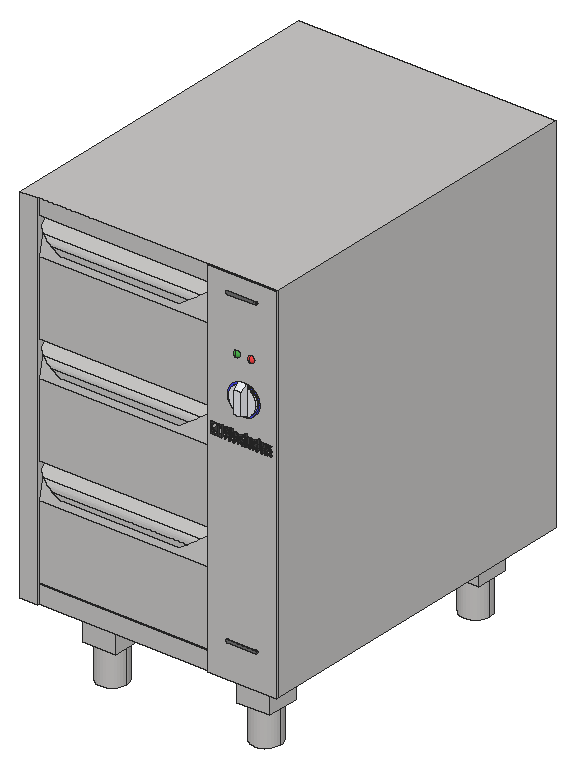
Revit family "QF_ELECTROLUXPROFESSIONAL_121833_TE3C5R", category Attrezzature speciali, Revit 2020
Family settings
  Quota connettore circolare = Usa diametro
  Tipo di parte = Normale
  Basato su piano di lavoro = No
  Sempre verticale = Sì
  Taglio con vuoti quando caricato = No
  Condiviso = No
  Punto di calcolo locali = No
Parameters (values of type "Standard")
  Weight = 40.00 kg
  Watts = 1400 W
  Volts = 230 V
  URL Manufacturer = "https://www.electroluxprofessional.com/"
  URL = "https://www.electroluxprofessional.com/"
  Steam Supply Size = 0 mm
  Steam Supply Minimum Pressure = 0.0 Pa
  Steam Supply Maximum Pressure = 0.0 Pa
  Steam Consumption per Hour = 0
  Refrigeration Suction Line Size = 0.0 mm
  Refrigeration Liquid Line Size = 0.0 mm
  Refrigerant Compressor Remote = yes
  Prospetto di default = 0.0 mm
  Phase = 1
  Modello = "TE3C5R"
  Produttore = "Electrolux Professional"
  Length Actual = 500.0 mm  # constant formula
  Item Number = "121833"
  Hot Water Size = 0 mm
  Height Actual = 860.0 mm  # constant formula
  HP = "1.9 HP"
  Gas Size = 0 mm
  Gas KW = 0
  Gas Input Pressure = 0 W
  Direct Waste Size = 0 mm
  Descrizione = "HOT CUPBOARD WITH 3 DRAWERS 500MM"
  Depth Actual = 680.0 mm  # constant formula
  Cycle = 50 Hz
  Condensate Return Size = 0 mm
  Compressed Air Volume = 0.0 L/s
  Compressed Air Size = 0 mm
  Compressed Air Pressure = 0.0 Pa
  Cold Water Size = 0 mm
  Accessory = yes
Reference planes
  plane 1 "Center (Front/Back)": y = 0
  plane 2: z = 0
  plane 3 "Center (Left/Right)": x = -300
  plane 4 "LEFT": x = -550
  plane 5 "RIGHT": x = -50
  plane 6 "BACK": y = 340
  plane 7 "FRONT": y = -340
  plane 8 "Base": z = 860
  plane 9 "TOP": z = 900
  plane 10: x = -450
  plane 11: x = -150
  plane 12: y = 270
  plane 13: y = -240
  plane 14 "FEET": z = 150
  plane 15: x = -516
  plane 16: y = -337
  plane 17: y = 310
  plane 18: x = -184
  plane 19 "EIy": x = -82
  plane 20 "EIx": y = -90
Forms (mm)
  Extrusion 1, solid, material "QF_Finishes_Stainless Steel"
    sketch origin (0, 0, 150) x (-1, 0, 0) y (0, -1, 0)
      loop
        line (550, -340) -> (550, 340) -> (516, 340) -> (516, -340) -> (550, -340)
      loop
        line (184, -340) -> (184, 337) -> (50, 337) -> (50, -340) -> (184, -340)
    from 0 to 710
  Extrusion 2, solid, material "QF_Finishes_Stainless Steel"
    sketch origin (0, 0, 150) x (-1, 0, 0) y (0, -1, 0)
      loop
        line (516, -310) -> (516, 337) -> (184, 337) -> (184, -310) -> (516, -310)
    from 0 to 35
  Extrusion 3, solid, material "QF_Finishes_Stainless Steel"
    sketch origin (0, 0, 0) x (1, 0, 0) y (0, 1, 0)
      loop
        line (-516, -337) -> (-184, -337) -> (-184, 340) -> (-516, 340) -> (-516, -337)
    from 830 to 860
  Extrusion 4, solid, material "QF_Finishes_Stainless Steel"
    sketch origin (0, 0, 150) x (-1, 0, 0) y (0, -1, 0)
      loop
        line (516, -340) -> (516, -310) -> (184, -310) -> (184, -340) -> (516, -340)
    from 680 to 0
  Extrusion 5, solid, material "QF_Finishes_Stainless Steel"
    sketch origin (0, 0, 150) x (-1, 0, 0) y (0, -1, 0)
      loop
        circle (82, 90) r 10
    from 0 to -5
Cuts and joins
  joined: Extrusion 1, Extrusion 3, Extrusion 4
Lines and regions (mm)
  symbolic lines, style "SpecialityEquipmentHiddenLines"
    curve 1: line (-50, 340, 900) -> (-550, 340, 900)
    curve 2: line (-50, -340, 900) -> (-50, 340, 900)
    curve 3: line (-550, -344.5, 150) -> (-550, 340, 150)
    curve 4: line (-550, -340, 150) -> (-516, -340, 150)
    curve 5: line (-516, -340, 150) -> (-516, -337, 150)
    curve 6: line (-516, -337, 150) -> (-184, -337, 150)
    curve 7: line (-184, -337, 150) -> (-184, -340, 150)
    curve 8: line (-184, -340, 150) -> (-50, -340, 150)
Dimensions and locks
  plane 4 "LEFT" to plane 5 "RIGHT" = 500.0 mm
  equal spacing: plane 4 "LEFT", plane 3 "Center (Left/Right)", plane 5 "RIGHT"
  plane 6 "BACK" to plane 7 "FRONT" = 680.0 mm
  equal spacing: plane 6 "BACK", plane 1 "Center (Front/Back)", plane 7 "FRONT"
  locked: plane 14 "FEET" to level at 150
  locked: plane 4 "LEFT" to plane 10 at 100
  locked: plane 11 to plane 5 "RIGHT" at 100
  locked: plane 4 "LEFT" to plane 15 at 34
  plane 16 to plane 7 "FRONT" = 3.0 mm
  plane 6 "BACK" to plane 17 = 30.0 mm
  locked: plane 6 "BACK" to plane 12 at 70
  locked: plane 13 to plane 7 "FRONT" at 100
  locked: plane 8 "Base" to level at 860
  locked: plane 9 "TOP" to level at 900
  plane 18 to plane 5 "RIGHT" = 134.0 mm
  plane 20 "EIx" to plane 7 "FRONT" = 250.0 mm
  plane 19 "EIy" to plane 5 "RIGHT" = 32.0 mm
  aligned and locked: level to plane 2
  aligned and locked: plane 10 to nested 1
  aligned and locked: plane 11 to nested 2
  aligned and locked: nested 4 to plane 12
  aligned and locked: plane 10 to nested 3
  aligned and locked: nested 3 to plane 12
  aligned and locked: plane 8 "Base" to Extrusion 1
  aligned and locked: plane 6 "BACK" to Extrusion 1 sketch curve
  aligned and locked: Extrusion 1 sketch curve to plane 6 "BACK"
  aligned and locked: Extrusion 1 sketch curve to plane 7 "FRONT"
  aligned and locked: plane 15 to Extrusion 1
  aligned and locked: Extrusion 2 to plane 15
  aligned and locked: plane 8 "Base" to Extrusion 3
  aligned and locked: Extrusion 2 to plane 16
  aligned and locked: Extrusion 2 to plane 17
  aligned and locked: Extrusion 3 to plane 16
  aligned and locked: plane 15 to Extrusion 4 sketch curve
  aligned and locked: Extrusion 4 sketch curve to plane 6 "BACK"
  aligned and locked: Extrusion 4 sketch curve to plane 17
  aligned and locked: Extrusion 4 to Extrusion 3
  aligned and locked: Extrusion 4 to plane 14 "FEET"
  aligned and locked: plane 6 "BACK" to Extrusion 3
  aligned and locked: nested 1 to plane 13
  aligned and locked: nested 2 to plane 13
  aligned and locked: plane 18 to Extrusion 3
  aligned and locked: Extrusion 2 sketch curve to plane 18
Automatic sketch dimensions
  curve 2 to plane 5 "RIGHT" = 0.0 mm
  curve 2 to plane 7 "FRONT" = 0.0 mm
  curve 1 to plane 4 "LEFT" = 0.0 mm
  curve 1 to plane 6 "BACK" = 0.0 mm
  Extrusion 2 sketch curve to plane 15 = 0.0 mm
  plane 17 to Extrusion 2 sketch curve = 0.0 mm
  Extrusion 2 sketch curve to plane 16 = 0.0 mm
  curve 8 to plane 5 "RIGHT" = 0.0 mm
  curve 8 to plane 7 "FRONT" = 0.0 mm
  curve 6 to plane 15 = 0.0 mm
  curve 3 to plane 4 "LEFT" = 0.0 mm
  curve 3 to plane 6 "BACK" = 0.0 mm
  curve 6 to plane 16 = 0.0 mm
  curve 4 to plane 7 "FRONT" = 0.0 mm
  curve 4 to curve 3 = 4.5 mm
  Extrusion 3 sketch curve to plane 15 = 0.0 mm
  Extrusion 3 sketch curve to plane 16 = 0.0 mm
  Extrusion 3 sketch curve to plane 17 = 30.0 mm
  curve 8 to curve 8 = 134.0 mm
  Extrusion 3 sketch curve to plane 5 "RIGHT" = 134.0 mm
  Extrusion 4 sketch curve to plane 5 "RIGHT" = 134.0 mm
  Extrusion 1 sketch curve to plane 5 "RIGHT" = 0.0 mm
  Extrusion 1 sketch curve to plane 16 = 0.0 mm
  Extrusion 1 sketch curve to plane 15 = 0.0 mm
  Extrusion 1 sketch curve to plane 4 "LEFT" = 0.0 mm
  Extrusion 1 sketch curve to Extrusion 1 sketch curve = 134.0 mm
  Extrusion 5 sketch curve to plane 19 "EIy" = 0.0 mm
  Extrusion 5 sketch curve to plane 20 "EIx" = 0.0 mm
  radius of Extrusion 5 sketch curve = 10.0 mm
Nested families
  nested 1: "FEET_L63-150" at (-450, -240, 0), type "FEET_L63-150"
  nested 2: "FEET_L63-150" at (-150, -240, 0), type "FEET_L63-150"
  nested 3: "FEET_L63-150" at (-450, 270, 0), type "FEET_L63-150"
  nested 4: "FEET_L63-150" at (-150, 270, 0), type "FEET_L63-150"
  nested 5: "PANEL_ELX_HOTCUP_134" at (-153.042, -337, 150) x (1, 0, 0) z (0, -1, 0), type "PANEL_ELX_HOTCUP_134"
    with Width 134.0 mm, Show Clearance yes
  nested 6: "H637_400_3DRAWERS" at (-386.042, -297, 150) x (1, 0, 0) z (0, -1, 0), type "H637_400_3DRAWERS"
    with Width 400.0 mm, Show Clearance yes
Connectors
  electrical at (-82, -90, 145), driven by "Volts"
    settings: on Extrusion 5, index 1, voltage 230 V, apparent load 0 VA, apparent load phase1 0 VA, apparent load phase2 0 VA, apparent load phase3 0 VA, power factor 1, load classification "Other", number of poles 1, system type 30, power factor state 1, is connector primary yes, connector utility no, sub classification motor no, connector description "Electrical Connection"
Definition of nested family "FEET_L63-150"
  Parameters
    Default Elevation = 0.0 mm
    FEET = 150.0 mm
  Reference planes
    plane 1 "Center (Front/Back)": y = 0
    plane 2: z = 0
    plane 3 "Center (Left/Right)": x = 0
    plane 4: z = 150
  Forms (mm)
    Extrusion 1, solid
      sketch origin (0, 0, 0) x (1, 0, 0) y (0, 1, 0)
        loop
          circle (0, 0) r 28
      from 0 to 67
    Extrusion 2, solid
      sketch origin (0, 0, 0) x (1, 0, 0) y (0, 1, 0)
        loop
          line (31.561, 31.5) -> (-31.439, 31.5) -> (-31.439, -31.5) -> (31.561, -31.5) -> (31.561, 31.5)
      from 67 to 150 <- "FEET"
  Lines and regions (mm)
    symbolic lines
      curve 1: line (0, -1.503, 0) -> (0, 1.508, 0)
      curve 2: line (1.561, 0, 0) -> (-1.439, 0, 0)
  Dimensions and locks
    "FEET": plane 4 to plane 2
    aligned and locked: level to plane 2
  Automatic sketch dimensions
    plane 1 "Center (Front/Back)" to Extrusion 1 sketch curve = 0.0 mm
    Extrusion 1 sketch curve to plane 3 "Center (Left/Right)" = 0.0 mm
    plane 1 "Center (Front/Back)" to curve 2 = 0.0 mm
    curve 1 to plane 3 "Center (Left/Right)" = 0.0 mm
    curve 2 to plane 3 "Center (Left/Right)" = 1.439 mm
    plane 3 "Center (Left/Right)" to curve 2 = 1.561 mm
    plane 1 "Center (Front/Back)" to curve 1 = 1.503 mm
    curve 1 to plane 1 "Center (Front/Back)" = 1.508 mm
    Extrusion 2 sketch curve to plane 1 "Center (Front/Back)" = 31.5 mm
    Extrusion 2 sketch curve to plane 3 "Center (Left/Right)" = 31.439 mm
    plane 3 "Center (Left/Right)" to Extrusion 2 sketch curve = 31.561 mm
    plane 1 "Center (Front/Back)" to Extrusion 2 sketch curve = 31.5 mm
    radius of Extrusion 1 sketch curve = 28.0 mm
Definition of nested family "PANEL_ELX_HOTCUP_134"
  Parameters
    Width [instance] = 134.0 mm
    Show Clearance [instance] = yes
    Model = "727995"
    Height = 710.0 mm
    Default Elevation = 0.0 mm
  Reference planes
    plane 1 "Center (Front/Back)": y = 0
    plane 2: z = 0
    plane 3 "Center (Left/Right)": x = 36.042
    plane 4 "panel": z = 3
    plane 5 "Left": x = -30.958
    plane 6 "Right": x = 103.042
    plane 7: y = 710
    plane 8 "L1": x = 26.042
    plane 9 "L2": x = 54.042
    plane 10: y = 575
  Forms (mm)
    Extrusion 1, solid
      sketch origin (0, -919.2, 0) x (1, 0, 0) y (0, 1, 0)
        loop
          line (-980.5, 2119.2) -> (-980.5, -162.846) -> (881.94, -162.846) -> (881.94, 2119.2) -> (-980.5, 2119.2)
      from 0 to -59.546
    Extrusion 2, solid
      sketch origin (36.042, -190, 0) x (0, 1, 0) y (0, 0, 1)
        loop
          line (190, 3) -> (190, 0) -> (900, 0) -> (900, 3) -> (190, 3)
      from 67 to -67
    Extrusion 3, solid
      sketch origin (0, 0, 0) x (1, 0, 0) y (0, 1, 0)
        loop
          line (9.042, 673.5) -> (63.042, 673.5)
          arc (63.042, 673.5) -> (66.042, 676.5) -> (63.042, 679.5) r 3
          line (63.042, 679.5) -> (9.042, 679.5)
          arc (9.042, 679.5) -> (6.042, 676.5) -> (9.042, 673.5) r 3
        loop
          line (9.042, 65) -> (63.042, 65)
          arc (63.042, 65) -> (66.042, 68) -> (63.042, 71) r 3
          line (63.042, 71) -> (9.042, 71)
          arc (9.042, 71) -> (6.042, 68) -> (9.042, 65) r 3
      from 3 to 4.6
    Extrusion 4, solid
      sketch origin (0, 0, 0) x (1, 0, 0) y (0, 1, 0)
        loop
          circle (40.042, 500) r 30
      from 0 to 5
    Extrusion 5, solid
      sketch origin (0, 0, 0) x (1, 0, 0) y (0, 1, 0)
        loop
          circle (40.042, 500) r 26.788
      from 7 to 5
    Blend 6, solid
      base sketch origin (0, 0, 0) x (1, 0, 0) y (0, 1, 0)
        loop
          arc (48.106, 530.45) -> (40.022, 531.5) -> (31.94, 530.44) r 31.5
          line (31.94, 530.44) -> (31.94, 474.458)
          arc (31.94, 474.458) -> (40.023, 473.209) -> (48.106, 474.454) r 26.815
          line (48.106, 474.454) -> (48.106, 530.45)
      top sketch origin (0, 0, 0) x (1, 0, 0) y (0, 1, 0)
        loop
          arc (47.007, 520.889) -> (40.042, 522.019) -> (33.077, 520.889) r 22.019
          line (33.077, 520.889) -> (33.077, 480.699)
          arc (33.077, 480.699) -> (40.042, 479.481) -> (47.007, 480.699) r 20.519
          line (47.007, 480.699) -> (47.007, 520.889)
      from 7 to 20
    Revolve 7, solid
      sketch origin (26.042, 0, 0) x (0, 1, 0) y (0, 0, 1)
        loop
          line (575, 3) -> (581, 3)
          arc (581, 3) -> (578.606, 5.908) -> (575, 7) r 6.5
          line (575, 7) -> (575, 3)
        axis (575, 7) -> (575, 3)
      angle from 0 to 360
    Revolve 8, solid
      sketch origin (54.042, 0, 0) x (0, 1, 0) y (0, 0, 1)
        loop
          line (575, 3) -> (581, 3)
          arc (581, 3) -> (578.606, 5.908) -> (575, 7) r 6.5
          line (575, 7) -> (575, 3)
        axis (575, 7) -> (575, 3)
      angle from 0 to 360
  Dimensions and locks
    plane 4 "panel" to level = 3.0 mm
    "Width": plane 5 "Left" to plane 6 "Right"
    equal spacing: plane 5 "Left", plane 3 "Center (Left/Right)", plane 6 "Right"
    "Height": plane 1 "Center (Front/Back)" to plane 7
    aligned and locked: plane 2 to Extrusion 1
    aligned and locked: level to Extrusion 1
    aligned and locked: plane 7 to Extrusion 2
    aligned and locked: plane 6 "Right" to Extrusion 2
    aligned and locked: Extrusion 2 to plane 5 "Left"
    aligned and locked: plane 1 "Center (Front/Back)" to Extrusion 2
  Automatic sketch dimensions
    Extrusion 1 sketch curve to Extrusion 1 sketch curve = 1862.44 mm
    Extrusion 1 sketch curve to Extrusion 1 sketch curve = 2282.046 mm
    Extrusion 2 sketch curve to plane 1 "Center (Front/Back)" = 0.0 mm
    Extrusion 2 sketch curve to level = 0.0 mm
    Extrusion 2 sketch curve to plane 7 = 0.0 mm
    Extrusion 2 sketch curve to plane 4 "panel" = 0.0 mm
    Extrusion 3 sketch curve to plane 8 "L1" = 17.0 mm  (x2)
    plane 9 "L2" to Extrusion 3 sketch curve = 9.0 mm  (x2)
    Extrusion 3 sketch curve to plane 1 "Center (Front/Back)" = 65.0 mm
    Extrusion 3 sketch curve to Extrusion 3 sketch curve = 3.0 mm  (x2)
    Extrusion 3 sketch curve to plane 7 = 36.5 mm
    plane 3 "Center (Left/Right)" to Extrusion 4 sketch curve = 4.0 mm
    Extrusion 4 sketch curve to plane 10 = 75.0 mm
    plane 3 "Center (Left/Right)" to Extrusion 5 sketch curve = 4.0 mm
    Extrusion 5 sketch curve to plane 10 = 75.0 mm
    Blend 6 sketch curve to plane 3 "Center (Left/Right)" = 4.102 mm
    plane 3 "Center (Left/Right)" to Blend 6 sketch curve = 3.988 mm
    Blend 6 sketch curve to Blend 6 sketch curve = 0.012 mm
    Blend 6 sketch curve to plane 9 "L2" = 5.936 mm
    Blend 6 sketch curve to plane 10 = 100.546 mm
    Blend 6 sketch curve to Blend 6 sketch curve = 0.004 mm
    Blend 6 sketch curve to Blend 6 sketch curve = 0.024 mm
    Blend 6 sketch curve to Blend 6 sketch curve = 30.416 mm
    Blend 6 sketch curve to Blend 6 sketch curve = 0.0 mm  (x2)
    Blend 6 sketch curve to plane 3 "Center (Left/Right)" = 2.965 mm
    plane 3 "Center (Left/Right)" to Blend 6 sketch curve = 4.0 mm
    Blend 6 sketch curve to plane 9 "L2" = 7.035 mm
    Blend 6 sketch curve to plane 10 = 94.301 mm
    Blend 6 sketch curve to Blend 6 sketch curve = 19.301 mm
    Blend 6 sketch curve to Blend 6 sketch curve = 20.889 mm
    Revolve 7 sketch curve to plane 4 "panel" = 0.0 mm
    Revolve 7 sketch curve to plane 10 = 0.0 mm  (x2)
    plane 10 to Revolve 7 sketch curve = 6.0 mm
    level to Revolve 7 sketch curve = 0.5 mm
    Revolve 7 sketch curve to Revolve 7 sketch curve = 0.57 mm
    Revolve 7 sketch curve to Revolve 7 sketch curve = 2.941 mm
    Revolve 8 sketch curve to plane 4 "panel" = 0.0 mm
    Revolve 8 sketch curve to plane 10 = 0.0 mm  (x2)
    plane 10 to Revolve 8 sketch curve = 6.0 mm
    level to Revolve 8 sketch curve = 0.5 mm
    Revolve 8 sketch curve to Revolve 8 sketch curve = 0.57 mm
    Revolve 8 sketch curve to Revolve 8 sketch curve = 2.941 mm
    radius of Extrusion 4 sketch curve = 30.0 mm
    radius of Extrusion 5 sketch curve = 26.788 mm
  Nested families
    nested 1: "ELX_Professional_Logo_Small" at (36.042, 430.35, 3), type "ELX_Professional_Logo_Small"
      with Show Logo yes, Material_Logo none
  Definition of nested family "ELX_Professional_Logo_Small"
    Parameters
      Show Logo [instance] = yes
      Material_Logo [instance] = none
      Default Elevation = 0.0 mm
    Reference planes
      plane 1 "Centro (Fronte/Retro)": y = 0
      plane 2: z = 0
      plane 3 "Centro (Sinistra/Destra)": x = 0
    Forms (mm)
      Extrusion 1, solid
        sketch origin (0, 0, 0) x (1, 0, 0) y (0, 1, 0)
          loop
            line (-1219.2, 1219.2) -> (-1219.2, -1219.2) -> (1219.2, -1219.2) -> (1219.2, 1219.2) -> (-1219.2, 1219.2)
        from 0 to -304.8
      Extrusion 2, solid, material <- "Material_Logo"
        sketch origin (15.5, 0, 0) x (1, 0, 0) y (0, 1, 0)
          loop
            spline (-42.99, -1.24) -> (-43.195, -1.231) -> (-43.415, -1.203) -> (-43.642, -1.152) -> (-43.87, -1.074) -> (-44.095, -0.966) -> (-44.309, -0.825) -> (-44.506, -0.647) -> (-44.681, -0.429) -> (-44.828, -0.167) -> (-44.94, 0.142) -> (-45.011, 0.501) -> (-45.037, 0.915)
            line (-45.037, 0.915) -> (-45.037, 2.748) -> (-38.984, 2.748) -> (-38.984, 5.086) -> (-45.038, 5.086) -> (-45.038, 8.489) -> (-38.599, 8.489) -> (-38.599, 10.82) -> (-47.515, 10.82) -> (-47.515, 1.021)
            spline (-47.515, 1.021) -> (-47.493, 0.418) -> (-47.425, -0.15) -> (-47.311, -0.682) -> (-47.15, -1.175) -> (-46.939, -1.628) -> (-46.678, -2.038) -> (-46.365, -2.404) -> (-46, -2.723) -> (-45.58, -2.995) -> (-45.105, -3.216) -> (-44.573, -3.385) -> (-43.983, -3.499)
            line (-43.983, -3.499) -> (-43.01, -3.569) -> (-38.426, -3.569) -> (-38.426, -1.24) -> (-42.99, -1.24)
          loop
            line (-36.666, 4.021) -> (-36.666, -3.573) -> (-34.188, -3.573) -> (-34.188, 10.824) -> (-36.666, 10.824) -> (-36.666, 4.021)
          loop
            spline (-21.915, 1.897) -> (-21.957, 2.615) -> (-22.082, 3.303) -> (-22.285, 3.955) -> (-22.563, 4.564) -> (-22.913, 5.124) -> (-23.331, 5.629) -> (-23.814, 6.074) -> (-24.359, 6.451) -> (-24.961, 6.755) -> (-25.618, 6.98) -> (-26.326, 7.119) -> (-27.081, 7.167)
            spline (-27.081, 7.167) -> (-27.853, 7.122) -> (-28.586, 6.99) -> (-29.275, 6.774) -> (-29.915, 6.478) -> (-30.5, 6.104) -> (-31.024, 5.657) -> (-31.483, 5.138) -> (-31.871, 4.553) -> (-32.182, 3.904) -> (-32.411, 3.194) -> (-32.552, 2.427) -> (-32.6, 1.606)
            spline (-32.6, 1.606) -> (-32.553, 0.805) -> (-32.416, 0.057) -> (-32.193, -0.637) -> (-31.887, -1.271) -> (-31.504, -1.843) -> (-31.048, -2.35) -> (-30.523, -2.788) -> (-29.934, -3.154) -> (-29.284, -3.444) -> (-28.579, -3.656) -> (-27.822, -3.785) -> (-27.019, -3.829)
            spline (-27.019, -3.829) -> (-26.627, -3.82) -> (-26.239, -3.79) -> (-25.856, -3.739) -> (-25.477, -3.663) -> (-25.103, -3.562) -> (-24.734, -3.432) -> (-24.369, -3.273) -> (-24.01, -3.082) -> (-23.655, -2.858) -> (-23.305, -2.597) -> (-22.96, -2.299) -> (-22.621, -1.962)
            line (-22.621, -1.962) -> (-24.114, -0.509)
            spline (-24.114, -0.509) -> (-24.311, -0.699) -> (-24.509, -0.872) -> (-24.71, -1.03) -> (-24.915, -1.172) -> (-25.126, -1.297) -> (-25.346, -1.407) -> (-25.576, -1.5) -> (-25.817, -1.576) -> (-26.072, -1.636) -> (-26.342, -1.678) -> (-26.629, -1.704) -> (-26.936, -1.713)
            spline (-26.936, -1.713) -> (-27.384, -1.691) -> (-27.805, -1.625) -> (-28.196, -1.518) -> (-28.556, -1.372) -> (-28.882, -1.187) -> (-29.174, -0.966) -> (-29.429, -0.71) -> (-29.645, -0.422) -> (-29.821, -0.102) -> (-29.955, 0.247) -> (-30.045, 0.623) -> (-30.089, 1.026)
            line (-30.089, 1.026) -> (-21.956, 1.026) -> (-21.915, 1.897)
          loop
            spline (-24.446, 2.769) -> (-24.47, 3.075) -> (-24.54, 3.37) -> (-24.654, 3.65) -> (-24.807, 3.913) -> (-24.996, 4.156) -> (-25.219, 4.376) -> (-25.472, 4.57) -> (-25.753, 4.736) -> (-26.057, 4.869) -> (-26.382, 4.968) -> (-26.724, 5.03) -> (-27.081, 5.051)
            spline (-27.081, 5.051) -> (-27.464, 5.03) -> (-27.832, 4.97) -> (-28.183, 4.872) -> (-28.513, 4.74) -> (-28.819, 4.577) -> (-29.099, 4.384) -> (-29.347, 4.165) -> (-29.563, 3.923) -> (-29.742, 3.659) -> (-29.881, 3.377) -> (-29.977, 3.079) -> (-30.027, 2.769)
            line (-30.027, 2.769) -> (-24.446, 2.769)
          loop
            spline (-18.167, 1.669) -> (-18.138, 2.13) -> (-18.055, 2.567) -> (-17.921, 2.978) -> (-17.739, 3.358) -> (-17.512, 3.705) -> (-17.243, 4.016) -> (-16.937, 4.287) -> (-16.596, 4.517) -> (-16.223, 4.7) -> (-15.823, 4.835) -> (-15.398, 4.919) -> (-14.951, 4.947)
            spline (-14.951, 4.947) -> (-14.677, 4.938) -> (-14.414, 4.913) -> (-14.162, 4.871) -> (-13.921, 4.812) -> (-13.69, 4.738) -> (-13.467, 4.649) -> (-13.254, 4.544) -> (-13.048, 4.424) -> (-12.85, 4.291) -> (-12.659, 4.143) -> (-12.474, 3.981) -> (-12.295, 3.806)
            line (-12.295, 3.806) -> (-10.76, 5.403)
            spline (-10.76, 5.403) -> (-11.065, 5.709) -> (-11.38, 5.984) -> (-11.703, 6.228) -> (-12.035, 6.443) -> (-12.375, 6.63) -> (-12.723, 6.788) -> (-13.078, 6.92) -> (-13.44, 7.026) -> (-13.809, 7.107) -> (-14.184, 7.164) -> (-14.564, 7.198) -> (-14.951, 7.209)
            spline (-14.951, 7.209) -> (-15.725, 7.161) -> (-16.467, 7.02) -> (-17.169, 6.792) -> (-17.826, 6.482) -> (-18.43, 6.096) -> (-18.976, 5.637) -> (-19.455, 5.112) -> (-19.862, 4.525) -> (-20.19, 3.882) -> (-20.433, 3.189) -> (-20.584, 2.449) -> (-20.635, 1.669)
            spline (-20.635, 1.669) -> (-20.584, 0.889) -> (-20.433, 0.149) -> (-20.19, -0.545) -> (-19.862, -1.187) -> (-19.455, -1.774) -> (-18.976, -2.299) -> (-18.43, -2.758) -> (-17.826, -3.145) -> (-17.169, -3.454) -> (-16.467, -3.682) -> (-15.725, -3.823) -> (-14.951, -3.871)
            spline (-14.951, -3.871) -> (-14.564, -3.86) -> (-14.184, -3.826) -> (-13.809, -3.77) -> (-13.44, -3.689) -> (-13.078, -3.583) -> (-12.723, -3.451) -> (-12.375, -3.292) -> (-12.035, -3.105) -> (-11.703, -2.89) -> (-11.38, -2.646) -> (-11.065, -2.371) -> (-10.76, -2.066)
            line (-10.76, -2.066) -> (-12.295, -0.468)
            spline (-12.295, -0.468) -> (-12.474, -0.643) -> (-12.659, -0.805) -> (-12.85, -0.953) -> (-13.048, -1.087) -> (-13.254, -1.206) -> (-13.467, -1.311) -> (-13.69, -1.4) -> (-13.921, -1.475) -> (-14.162, -1.533) -> (-14.414, -1.575) -> (-14.677, -1.6) -> (-14.951, -1.609)
            spline (-14.951, -1.609) -> (-15.398, -1.581) -> (-15.823, -1.497) -> (-16.223, -1.362) -> (-16.596, -1.179) -> (-16.937, -0.95) -> (-17.243, -0.678) -> (-17.512, -0.367) -> (-17.739, -0.02) -> (-17.921, 0.36) -> (-18.055, 0.771) -> (-18.138, 1.208) -> (-18.167, 1.669)
          loop
            spline (-4.441, -1.243) -> (-4.659, -1.247) -> (-4.894, -1.23) -> (-5.137, -1.19) -> (-5.384, -1.121) -> (-5.628, -1.021) -> (-5.864, -0.884) -> (-6.084, -0.708) -> (-6.283, -0.488) -> (-6.454, -0.219) -> (-6.592, 0.101) -> (-6.69, 0.478) -> (-6.742, 0.914)
            line (-6.742, 0.914) -> (-6.742, 4.587) -> (-4.487, 4.587) -> (-4.487, 6.838) -> (-6.738, 6.838) -> (-6.738, 10.824) -> (-9.217, 10.824) -> (-9.217, 0.773)
            spline (-9.217, 0.773) -> (-9.164, 0.19) -> (-9.068, -0.358) -> (-8.928, -0.87) -> (-8.742, -1.343) -> (-8.511, -1.777) -> (-8.232, -2.168) -> (-7.904, -2.515) -> (-7.527, -2.816) -> (-7.098, -3.069) -> (-6.618, -3.273) -> (-6.084, -3.426) -> (-5.496, -3.525)
            line (-5.496, -3.525) -> (-4.45, -3.573) -> (-4.441, -1.243)
          loop
            spline (3.898, 6.983) -> (3.469, 7.009) -> (3.056, 7.001) -> (2.661, 6.961) -> (2.283, 6.888) -> (1.925, 6.785) -> (1.588, 6.652) -> (1.272, 6.49) -> (0.979, 6.301) -> (0.71, 6.085) -> (0.465, 5.844) -> (0.247, 5.578) -> (0.056, 5.289)
            line (0.056, 5.289) -> (0.056, 6.838) -> (-2.402, 6.838) -> (-2.402, -3.572) -> (0.056, -3.572) -> (0.056, 1.901)
            spline (0.056, 1.901) -> (0.079, 2.316) -> (0.145, 2.703) -> (0.254, 3.06) -> (0.404, 3.386) -> (0.592, 3.679) -> (0.818, 3.938) -> (1.08, 4.162) -> (1.375, 4.348) -> (1.703, 4.495) -> (2.062, 4.602) -> (2.45, 4.668) -> (2.865, 4.69)
            line (2.865, 4.69) -> (3.898, 4.586) -> (3.898, 6.983)
          loop
            spline (15.638, 1.633) -> (15.586, 2.396) -> (15.435, 3.124) -> (15.192, 3.81) -> (14.863, 4.449) -> (14.455, 5.034) -> (13.975, 5.56) -> (13.43, 6.021) -> (12.826, 6.411) -> (12.17, 6.724) -> (11.469, 6.955) -> (10.729, 7.098) -> (9.958, 7.147)
            spline (9.958, 7.147) -> (9.182, 7.098) -> (8.44, 6.955) -> (7.737, 6.724) -> (7.081, 6.411) -> (6.477, 6.021) -> (5.933, 5.56) -> (5.454, 5.034) -> (5.048, 4.449) -> (4.721, 3.81) -> (4.479, 3.124) -> (4.329, 2.396) -> (4.277, 1.633)
            spline (4.277, 1.633) -> (4.329, 0.869) -> (4.479, 0.141) -> (4.721, -0.544) -> (5.048, -1.183) -> (5.454, -1.768) -> (5.933, -2.294) -> (6.477, -2.755) -> (7.081, -3.145) -> (7.737, -3.459) -> (8.44, -3.69) -> (9.182, -3.833) -> (9.958, -3.882)
            spline (9.958, -3.882) -> (10.729, -3.833) -> (11.469, -3.69) -> (12.17, -3.459) -> (12.826, -3.145) -> (13.43, -2.755) -> (13.975, -2.294) -> (14.455, -1.768) -> (14.863, -1.183) -> (15.192, -0.544) -> (15.435, 0.141) -> (15.586, 0.869) -> (15.638, 1.633)
          loop
            spline (13.18, 1.633) -> (13.151, 2.083) -> (13.067, 2.513) -> (12.932, 2.918) -> (12.748, 3.296) -> (12.52, 3.642) -> (12.251, 3.954) -> (11.943, 4.227) -> (11.601, 4.459) -> (11.228, 4.645) -> (10.828, 4.782) -> (10.403, 4.867) -> (9.958, 4.896)
            spline (9.958, 4.896) -> (9.509, 4.867) -> (9.081, 4.782) -> (8.679, 4.645) -> (8.306, 4.459) -> (7.964, 4.227) -> (7.658, 3.954) -> (7.39, 3.642) -> (7.163, 3.296) -> (6.981, 2.918) -> (6.847, 2.513) -> (6.765, 2.083) -> (6.736, 1.633)
            spline (6.736, 1.633) -> (6.765, 1.182) -> (6.847, 0.753) -> (6.981, 0.347) -> (7.163, -0.031) -> (7.39, -0.377) -> (7.658, -0.689) -> (7.964, -0.962) -> (8.306, -1.193) -> (8.679, -1.38) -> (9.081, -1.517) -> (9.509, -1.602) -> (9.958, -1.631)
            spline (9.958, -1.631) -> (10.403, -1.602) -> (10.828, -1.517) -> (11.228, -1.38) -> (11.601, -1.193) -> (11.943, -0.962) -> (12.251, -0.689) -> (12.52, -0.377) -> (12.748, -0.031) -> (12.932, 0.347) -> (13.067, 0.753) -> (13.151, 1.182) -> (13.18, 1.633)
          loop
            line (17.162, 4.269) -> (17.162, -3.573) -> (19.642, -3.573) -> (19.642, 10.824) -> (17.162, 10.824) -> (17.162, 4.269)
          loop
            line (28.581, 6.838) -> (28.581, 0.786)
            spline (28.581, 0.786) -> (28.561, 0.393) -> (28.503, 0.038) -> (28.409, -0.279) -> (28.281, -0.559) -> (28.122, -0.802) -> (27.933, -1.011) -> (27.717, -1.185) -> (27.476, -1.325) -> (27.213, -1.433) -> (26.929, -1.509) -> (26.626, -1.554) -> (26.308, -1.569)
            spline (26.308, -1.569) -> (25.99, -1.554) -> (25.688, -1.509) -> (25.404, -1.434) -> (25.141, -1.326) -> (24.9, -1.187) -> (24.684, -1.014) -> (24.496, -0.807) -> (24.336, -0.565) -> (24.209, -0.288) -> (24.115, 0.026) -> (24.057, 0.376) -> (24.037, 0.765)
            line (24.037, 0.765) -> (24.037, 6.838) -> (21.537, 6.838) -> (21.537, 0.558)
            spline (21.537, 0.558) -> (21.581, -0.153) -> (21.71, -0.8) -> (21.916, -1.384) -> (22.195, -1.904) -> (22.54, -2.362) -> (22.944, -2.757) -> (23.403, -3.09) -> (23.909, -3.362) -> (24.456, -3.572) -> (25.04, -3.722) -> (25.652, -3.811) -> (26.288, -3.841)
            spline (26.288, -3.841) -> (26.929, -3.811) -> (27.547, -3.72) -> (28.135, -3.568) -> (28.687, -3.355) -> (29.197, -3.079) -> (29.66, -2.741) -> (30.068, -2.341) -> (30.415, -1.877) -> (30.696, -1.349) -> (30.905, -0.757) -> (31.034, -0.101) -> (31.079, 0.621)
            line (31.079, 0.621) -> (31.079, 6.838) -> (28.581, 6.838)
          loop
            line (40.457, -0.243) -> (38.894, 1.942) -> (40.83, 4.579) -> (42.488, 6.837) -> (39.782, 6.837) -> (37.53, 3.719) -> (35.258, 6.837) -> (32.573, 6.837) -> (34.113, 4.731) -> (36.167, 1.922) -> (34.014, -1.076) -> (32.222, -3.573) -> (34.887, -3.573) -> (37.53, 0.104) -> (40.174, -3.573) -> (42.839, -3.573) -> (40.457, -0.243)
          loop
            line (-46.121, -5.837) -> (-48.039, -5.837) -> (-48.039, -10.814) -> (-47.016, -10.814) -> (-47.016, -9.128) -> (-46.121, -9.128)
            arc (-46.121, -9.128) -> (-44.476, -7.482) -> (-46.121, -5.837) r 1.645
          loop
            line (-46.163, -6.778) -> (-47.016, -6.778) -> (-47.016, -8.187) -> (-46.163, -8.187)
            arc (-46.163, -8.187) -> (-45.458, -7.482) -> (-46.163, -6.778) r 0.704
          loop
            line (-38.313, -5.837) -> (-40.265, -5.837) -> (-40.265, -10.814) -> (-39.241, -10.814) -> (-39.241, -9.1) -> (-38.46, -9.182) -> (-37.48, -10.814) -> (-36.318, -10.814) -> (-37.513, -8.848)
            arc (-37.513, -8.848) -> (-36.888, -8.266) -> (-36.671, -7.441) r 1.536
            arc (-36.671, -7.441) -> (-37.165, -6.305) -> (-38.313, -5.837) r 1.643
          loop
            arc (-38.402, -8.166) -> (-37.707, -7.505) -> (-38.334, -6.778) r 0.696
            line (-38.334, -6.778) -> (-39.241, -6.778) -> (-39.241, -8.166) -> (-38.402, -8.166)
          loop
            circle (-29.965, -8.325) r 2.585
          loop
            circle (-29.965, -8.325) r 1.64
          loop
            line (-23.1, -5.837) -> (-23.1, -10.814) -> (-22.076, -10.814) -> (-22.076, -8.768) -> (-20.204, -8.768) -> (-20.204, -7.828) -> (-22.076, -7.828) -> (-22.076, -6.778) -> (-20.024, -6.778) -> (-20.024, -5.837) -> (-23.1, -5.837)
          loop
            line (-15.802, -5.837) -> (-15.802, -9.2)
            arc (-15.802, -9.2) -> (-15.343, -10.34) -> (-14.209, -10.814) r 1.593
            line (-14.209, -10.814) -> (-12.602, -10.814) -> (-12.602, -10.027) -> (-14.004, -10.027)
            arc (-14.004, -10.027) -> (-14.552, -9.8) -> (-14.779, -9.252) r 0.775
            line (-14.779, -9.252) -> (-14.779, -8.424) -> (-12.789, -8.424) -> (-12.789, -7.642) -> (-14.779, -7.642) -> (-14.779, -6.778) -> (-12.651, -6.778) -> (-12.651, -5.837) -> (-15.802, -5.837)
          loop
            line (-5.909, -7.143) -> (-5.173, -6.638)
            arc (-5.173, -6.638) -> (-5.855, -5.974) -> (-6.781, -5.755) r 1.782
            arc (-6.781, -5.755) -> (-7.397, -5.878) -> (-7.944, -6.189) r 1.974
            arc (-7.944, -6.189) -> (-8.202, -6.5) -> (-8.317, -6.888) r 1.013
            arc (-8.317, -6.888) -> (-8.306, -7.341) -> (-8.192, -7.78) r 1.985
            arc (-8.192, -7.78) -> (-7.749, -8.259) -> (-7.171, -8.563) r 1.928
            arc (-7.171, -8.563) -> (-6.637, -8.779) -> (-6.131, -9.056) r 5.041
            arc (-6.131, -9.056) -> (-5.934, -9.387) -> (-6.09, -9.74) r 0.42
            arc (-6.09, -9.74) -> (-6.631, -9.96) -> (-7.204, -9.845) r 1.016
            arc (-7.204, -9.845) -> (-7.625, -9.603) -> (-7.889, -9.196) r 1.033
            line (-7.889, -9.196) -> (-8.67, -9.686)
            arc (-8.67, -9.686) -> (-8.361, -10.198) -> (-7.908, -10.589) r 1.914
            arc (-7.908, -10.589) -> (-7.334, -10.834) -> (-6.714, -10.896) r 2.063
            arc (-6.714, -10.896) -> (-5.947, -10.743) -> (-5.256, -10.376) r 2.696
            arc (-5.256, -10.376) -> (-4.95, -9.565) -> (-5.108, -8.712) r 1.618
            arc (-5.108, -8.712) -> (-5.448, -8.319) -> (-5.884, -8.035) r 1.876
            arc (-5.884, -8.035) -> (-6.434, -7.789) -> (-6.999, -7.577) r 9.883
            arc (-6.999, -7.577) -> (-7.325, -7.07) -> (-6.854, -6.694) r 0.45
            arc (-6.854, -6.694) -> (-6.329, -6.809) -> (-5.909, -7.143) r 1.197
          loop
            line (1.61, -7.143) -> (2.345, -6.638)
            arc (2.345, -6.638) -> (1.663, -5.974) -> (0.737, -5.755) r 1.782
            arc (0.737, -5.755) -> (0.121, -5.878) -> (-0.425, -6.189) r 1.974
            arc (-0.425, -6.189) -> (-0.683, -6.5) -> (-0.799, -6.888) r 1.013
            arc (-0.799, -6.888) -> (-0.788, -7.341) -> (-0.674, -7.78) r 1.985
            arc (-0.674, -7.78) -> (-0.231, -8.259) -> (0.347, -8.563) r 1.928
            arc (0.347, -8.563) -> (0.881, -8.779) -> (1.387, -9.056) r 5.041
            arc (1.387, -9.056) -> (1.584, -9.387) -> (1.428, -9.74) r 0.42
            arc (1.428, -9.74) -> (0.887, -9.96) -> (0.314, -9.845) r 1.016
            arc (0.314, -9.845) -> (-0.107, -9.603) -> (-0.371, -9.196) r 1.033
            line (-0.371, -9.196) -> (-1.152, -9.686)
            arc (-1.152, -9.686) -> (-0.842, -10.198) -> (-0.39, -10.589) r 1.914
            arc (-0.39, -10.589) -> (0.184, -10.834) -> (0.804, -10.896) r 2.063
            arc (0.804, -10.896) -> (1.572, -10.743) -> (2.263, -10.376) r 2.696
            arc (2.263, -10.376) -> (2.568, -9.565) -> (2.411, -8.712) r 1.618
            arc (2.411, -8.712) -> (2.07, -8.319) -> (1.635, -8.035) r 1.876
            arc (1.635, -8.035) -> (1.084, -7.789) -> (0.519, -7.577) r 9.883
            arc (0.519, -7.577) -> (0.193, -7.07) -> (0.665, -6.694) r 0.45
            arc (0.665, -6.694) -> (1.189, -6.809) -> (1.61, -7.143) r 1.197
          loop
            line (6.801, -5.837) -> (6.801, -10.814) -> (7.825, -10.814) -> (7.825, -5.837) -> (6.801, -5.837)
          loop
            circle (14.724, -8.325) r 1.548
          loop
            circle (14.724, -8.325) r 2.585
          loop
            line (21.59, -10.814) -> (22.623, -10.814) -> (22.623, -7.685) -> (24.9, -10.814) -> (25.895, -10.814) -> (25.895, -5.837) -> (24.861, -5.837) -> (24.861, -9.061) -> (22.585, -5.837) -> (21.59, -5.837) -> (21.59, -10.814)
          loop
            line (31.054, -10.814) -> (31.539, -9.74) -> (33.38, -9.74) -> (33.865, -10.814) -> (34.965, -10.814) -> (32.46, -5.837) -> (29.956, -10.814) -> (31.054, -10.814)
          loop
            line (32.46, -7.698) -> (31.999, -8.719) -> (32.921, -8.719) -> (32.46, -7.698)
          loop
            line (40.047, -9.873) -> (40.047, -5.837) -> (39.024, -5.837) -> (39.024, -10.814) -> (41.961, -10.814) -> (41.961, -9.873) -> (40.047, -9.873)
          loop
            line (-74.986, -10.814) -> (-53.322, -10.814) -> (-53.322, 10.82) -> (-74.986, 10.82) -> (-74.986, -10.814)
          loop
            line (-61.261, 9.758) -> (-61.261, -9.707)
            arc (-61.261, -9.707) -> (-54.066, 0.025) -> (-61.261, 9.758) r 10.18
          loop
            line (-62.251, 8.349) -> (-62.251, 9.758)
            arc (-62.251, 9.758) -> (-70.347, 7.918) -> (-74.247, 0.59) r 9.976
            line (-74.247, 0.59) -> (-71.026, 0.59)
            arc (-71.026, 0.59) -> (-65.274, 2.925) -> (-62.251, 8.349) r 9.351
          loop
            arc (-74.247, -0.539) -> (-70.353, -7.928) -> (-62.251, -9.957) r 10.237
            line (-62.251, -9.957) -> (-62.251, -8.298)
            arc (-62.251, -8.298) -> (-65.274, -2.874) -> (-71.026, -0.539) r 9.351
            line (-71.026, -0.539) -> (-74.247, -0.539)
        from 0 to 1.644
    Dimensions and locks
      aligned and locked: plane 2 to Extrusion 1
      aligned and locked: level to Extrusion 1
Definition of nested family "H637_400_3DRAWERS"
  Parameters
    Width [instance] = 400.0 mm
    Show Clearance [instance] = yes
    Model = "727995"
    Height = 710.0 mm
    Default Elevation = 0.0 mm
  Reference planes
    plane 1 "Center (Front/Back)": y = 0
    plane 2: z = 0
    plane 3 "Center (Left/Right)": x = 36.042
    plane 4 "panel": z = 25
    plane 5 "Left": x = -163.958
    plane 6 "Right": x = 236.042
    plane 7: y = 710
    plane 8: z = 45
    plane 9: x = 199.042
    plane 10: x = -126.958
    plane 11: y = 672
    plane 12: y = 38
    plane 13: z = 652.734
    plane 14: y = 464
    plane 15: y = 459
    plane 16: y = 251
    plane 17: y = 246
  Forms (mm)
    Extrusion 1, solid
      sketch origin (0, -919.2, 0) x (1, 0, 0) y (0, 1, 0)
        loop
          line (-980.5, 2119.2) -> (-980.5, -162.846) -> (881.94, -162.846) -> (881.94, 2119.2) -> (-980.5, 2119.2)
      from 0 to -59.546
    Extrusion 2, solid
      sketch origin (36.042, -219.693, 0) x (0, 1, 0) y (0, 0, 1)
        loop
          line (848.63, 49.734) -> (848.63, 47.734) -> (858.98, 47.734)
          arc (858.98, 47.734) -> (865.586, 46.42) -> (871.186, 42.679) r 17.261
          line (871.186, 42.679) -> (888.019, 25.845) -> (891.693, 25) -> (872.6, 44.093)
          arc (872.6, 44.093) -> (866.351, 48.268) -> (858.98, 49.734) r 19.261
          line (858.98, 49.734) -> (848.63, 49.734)
      from -163 to 163
    Extrusion 3, void
      sketch origin (0, -219.693, 25) x (1, 0, 0) y (0, 1, 0)
        loop
          line (204.066, 839.859) -> (204.066, 882.225) -> (199.042, 882.225)
          arc (199.042, 882.225) -> (198.688, 880.688) -> (197.873, 879.339) r 5
          line (197.873, 879.339) -> (155.197, 850.51)
          arc (155.197, 850.51) -> (152.266, 849.11) -> (149.054, 848.63) r 10.974
          line (149.054, 848.63) -> (-76.97, 848.63)
          arc (-76.97, 848.63) -> (-80.182, 849.11) -> (-83.113, 850.51) r 10.974
          line (-83.113, 850.51) -> (-125.789, 879.339)
          arc (-125.789, 879.339) -> (-126.604, 880.688) -> (-126.958, 882.225) r 5
          line (-126.958, 882.225) -> (-131.982, 882.225) -> (-131.982, 839.859) -> (204.066, 839.859)
      from 0 to 27.674
    Extrusion 4, solid
      sketch origin (36.042, -190, 0) x (0, 1, 0) y (0, 0, 1)
        loop
          line (654, 40) -> (654, 0) -> (862, 0) -> (862, 25) -> (796.797, 40) -> (654, 40)
      from 163 to -163
    Extrusion 5, solid, detail levels coarse
      sketch origin (0, 0, 0) x (1, 0, 0) y (0, 0, 1)
        loop
          line (-126.958, 40) -> (198.042, 40) -> (198.042, 652.734) -> (-126.958, 652.734) -> (-126.958, 40)
      from -672 to -464
    Extrusion 6, solid, detail levels coarse
      sketch origin (0, 0, 0) x (1, 0, 0) y (0, 0, 1)
        loop
          line (-126.958, 40) -> (198.042, 40) -> (198.042, 652.734) -> (-126.958, 652.734) -> (-126.958, 40)
      from -459 to -251
    Extrusion 7, solid
      sketch origin (36.042, -432.693, 0) x (0, 1, 0) y (0, 0, 1)
        loop
          line (848.63, 49.734) -> (848.63, 47.734) -> (858.98, 47.734)
          arc (858.98, 47.734) -> (865.586, 46.42) -> (871.186, 42.679) r 17.261
          line (871.186, 42.679) -> (888.019, 25.845) -> (891.693, 25) -> (872.6, 44.093)
          arc (872.6, 44.093) -> (866.351, 48.268) -> (858.98, 49.734) r 19.261
          line (858.98, 49.734) -> (848.63, 49.734)
      from -163 to 163
    Extrusion 8, void
      sketch origin (0, -432.693, 25) x (1, 0, 0) y (0, 1, 0)
        loop
          line (204.066, 839.859) -> (204.066, 882.225) -> (199.042, 882.225)
          arc (199.042, 882.225) -> (198.688, 880.688) -> (197.873, 879.339) r 5
          line (197.873, 879.339) -> (155.197, 850.51)
          arc (155.197, 850.51) -> (152.266, 849.11) -> (149.054, 848.63) r 10.974
          line (149.054, 848.63) -> (-76.97, 848.63)
          arc (-76.97, 848.63) -> (-80.182, 849.11) -> (-83.113, 850.51) r 10.974
          line (-83.113, 850.51) -> (-125.789, 879.339)
          arc (-125.789, 879.339) -> (-126.604, 880.688) -> (-126.958, 882.225) r 5
          line (-126.958, 882.225) -> (-131.982, 882.225) -> (-131.982, 839.859) -> (204.066, 839.859)
      from 0 to 27.674
    Extrusion 9, solid
      sketch origin (36.042, -645.693, 0) x (0, 1, 0) y (0, 0, 1)
        loop
          line (848.63, 49.734) -> (848.63, 47.734) -> (858.98, 47.734)
          arc (858.98, 47.734) -> (865.586, 46.42) -> (871.186, 42.679) r 17.261
          line (871.186, 42.679) -> (888.019, 25.845) -> (891.693, 25) -> (872.6, 44.093)
          arc (872.6, 44.093) -> (866.351, 48.268) -> (858.98, 49.734) r 19.261
          line (858.98, 49.734) -> (848.63, 49.734)
      from -163 to 163
    Extrusion 10, void
      sketch origin (0, -645.693, 25) x (1, 0, 0) y (0, 1, 0)
        loop
          line (204.066, 839.859) -> (204.066, 882.225) -> (199.042, 882.225)
          arc (199.042, 882.225) -> (198.688, 880.688) -> (197.873, 879.339) r 5
          line (197.873, 879.339) -> (155.197, 850.51)
          arc (155.197, 850.51) -> (152.266, 849.11) -> (149.054, 848.63) r 10.974
          line (149.054, 848.63) -> (-76.97, 848.63)
          arc (-76.97, 848.63) -> (-80.182, 849.11) -> (-83.113, 850.51) r 10.974
          line (-83.113, 850.51) -> (-125.789, 879.339)
          arc (-125.789, 879.339) -> (-126.604, 880.688) -> (-126.958, 882.225) r 5
          line (-126.958, 882.225) -> (-131.982, 882.225) -> (-131.982, 839.859) -> (204.066, 839.859)
      from 0 to 27.674
    Extrusion 11, solid, detail levels coarse
      sketch origin (0, 0, 0) x (1, 0, 0) y (0, 0, 1)
        loop
          line (-126.958, 40) -> (198.042, 40) -> (198.042, 652.734) -> (-126.958, 652.734) -> (-126.958, 40)
      from -38 to -246
    Extrusion 12, solid
      sketch origin (36.042, -403, 0) x (0, 1, 0) y (0, 0, 1)
        loop
          line (654, 40) -> (654, 0) -> (862, 0) -> (862, 25) -> (796.797, 40) -> (654, 40)
      from 163 to -163
    Extrusion 13, solid
      sketch origin (36.042, -616, 0) x (0, 1, 0) y (0, 0, 1)
        loop
          line (654, 40) -> (654, 0) -> (862, 0) -> (862, 25) -> (796.797, 40) -> (654, 40)
      from 163 to -163
  Cuts and joins
    Extrusion 3, Extrusion 8 cuts Extrusion 2
    Extrusion 8, Extrusion 10 cuts Extrusion 4
    Extrusion 8 cuts Extrusion 5
    Extrusion 8, Extrusion 10 cuts Extrusion 7
    Extrusion 10 cuts Extrusion 9
  Lines and regions (mm)
    symbolic lines
      curve 1: line (199.042, 0, 40) -> (199.042, 0, 653)
      curve 2: line (167.735, 0, 49.734) -> (-126.958, 0, 49.734)
      curve 3: spline (187.459, 0, 44.389) -> (185.921, 0, 45.265) -> (184.356, 0, 46.066) -> (182.765, 0, 46.791) -> (181.151, 0, 47.437) -> (179.517, 0, 48.005) -> (177.865, 0, 48.493) -> (176.198, 0, 48.9) -> (174.519, 0, 49.226) -> (172.831, 0, 49.471) -> (171.136, 0, 49.633) -> (169.436, 0, 49.712) -> (167.736, 0, 49.71)
      curve 4: line (193.956, 0, 40) -> (187.459, 0, 44.389)
      curve 5: line (199.042, 0, 653) -> (-126.958, 0, 653)
      curve 6: line (-126.958, 0, 40) -> (-126.958, 0, 653)
  Dimensions and locks
    plane 4 "panel" to level = 25.0 mm
    "Width": plane 5 "Left" to plane 6 "Right"
    equal spacing: plane 5 "Left", plane 3 "Center (Left/Right)", plane 6 "Right"
    "Height": plane 1 "Center (Front/Back)" to plane 7
    plane 9 to plane 6 "Right" = 37.0 mm
    plane 5 "Left" to plane 10 = 37.0 mm
    plane 7 to plane 11 = 38.0 mm
    plane 1 "Center (Front/Back)" to plane 12 = 38.0 mm
    plane 10 to plane 9 = 326.0 mm
    plane 11 to plane 14 = 208.0 mm
    locked: plane 14 to plane 15 at 5
    plane 15 to plane 16 = 208.0 mm
    locked: plane 16 to plane 17 at 5
    plane 17 to plane 12 = 208.0 mm
    aligned and locked: plane 2 to Extrusion 1
    aligned and locked: level to Extrusion 1
    aligned and locked: plane 10 to Extrusion 2
    aligned and locked: plane 9 to Extrusion 2
    aligned and locked: plane 10 to Extrusion 4
    aligned and locked: plane 9 to Extrusion 4
  Automatic sketch dimensions
    plane 10 to curve 6 = 0.0 mm
    curve 1 to plane 9 = 0.0 mm
    curve 4 to plane 8 = 0.611 mm
    curve 4 to plane 9 = 11.583 mm
    curve 5 to plane 13 = 0.266 mm
    plane 8 to curve 2 = 4.734 mm
    curve 2 to curve 4 = 19.723 mm
    curve 2 to curve 3 = 0.0 mm
    curve 3 to curve 3 = 0.908 mm
    curve 4 to curve 1 = 5.086 mm
    curve 1 to plane 8 = 5.0 mm
    curve 4 to plane 8 = 5.0 mm
    curve 6 to plane 8 = 5.0 mm
    curve 3 to level = 1.281 mm
    curve 3 to curve 2 = 0.025 mm
    Extrusion 1 sketch curve to Extrusion 1 sketch curve = 1862.44 mm
    Extrusion 1 sketch curve to Extrusion 1 sketch curve = 2282.046 mm
    Extrusion 2 sketch curve to Extrusion 2 sketch curve = 0.0 mm  (x2)
    Extrusion 2 sketch curve to plane 4 "panel" = 0.0 mm
    Extrusion 2 sketch curve to plane 11 = 0.0 mm
    plane 4 "panel" to Extrusion 2 sketch curve = 0.845 mm
    Extrusion 2 sketch curve to plane 11 = 3.674 mm
    Extrusion 2 sketch curve to plane 8 = 0.907 mm
    Extrusion 2 sketch curve to plane 11 = 19.093 mm
    Extrusion 2 sketch curve to plane 8 = 2.321 mm
    Extrusion 2 sketch curve to Extrusion 2 sketch curve = 1.414 mm
    plane 4 "panel" to Extrusion 2 sketch curve = 5.474 mm
    Extrusion 2 sketch curve to Extrusion 2 sketch curve = 12.205 mm
    Extrusion 2 sketch curve to Extrusion 2 sketch curve = 10.351 mm
    Extrusion 3 sketch curve to plane 10 = 0.0 mm
    Extrusion 3 sketch curve to plane 9 = 0.0 mm
    plane 10 to Extrusion 3 sketch curve = 5.024 mm
    Extrusion 3 sketch curve to plane 10 = 1.169 mm
    Extrusion 3 sketch curve to plane 10 = 4.988 mm
    Extrusion 3 sketch curve to plane 10 = 43.845 mm
    Extrusion 3 sketch curve to Extrusion 3 sketch curve = 6.143 mm  (x2)
    Extrusion 3 sketch curve to plane 11 = 32.089 mm
    Extrusion 3 sketch curve to plane 9 = 49.988 mm
    Extrusion 3 sketch curve to plane 9 = 4.988 mm
    Extrusion 3 sketch curve to plane 9 = 1.169 mm
    plane 9 to Extrusion 3 sketch curve = 5.024 mm
    Extrusion 3 sketch curve to plane 11 = 41.182 mm
    Extrusion 3 sketch curve to Extrusion 3 sketch curve = 9.094 mm
    Extrusion 3 sketch curve to Extrusion 3 sketch curve = 10.652 mm
    Extrusion 3 sketch curve to plane 11 = 12.354 mm  (x2)
    Extrusion 3 sketch curve to Extrusion 3 sketch curve = 2.886 mm  (x2)
    Extrusion 4 sketch curve to plane 14 = 0.0 mm
    Extrusion 4 sketch curve to plane 4 "panel" = 0.0 mm
    Extrusion 4 sketch curve to plane 11 = 0.0 mm
    Extrusion 4 sketch curve to level = 0.0 mm
    Extrusion 4 sketch curve to plane 8 = 5.0 mm
    Extrusion 4 sketch curve to plane 11 = 65.203 mm
    Extrusion 5 sketch curve to plane 10 = 0.0 mm
    Extrusion 5 sketch curve to plane 13 = 0.0 mm
    Extrusion 5 sketch curve to plane 9 = 1.0 mm
    Extrusion 5 sketch curve to plane 8 = 5.0 mm
    Extrusion 6 sketch curve to plane 10 = 0.0 mm
    Extrusion 6 sketch curve to plane 13 = 0.0 mm
    Extrusion 6 sketch curve to plane 9 = 1.0 mm
    Extrusion 6 sketch curve to plane 8 = 5.0 mm
    Extrusion 7 sketch curve to Extrusion 7 sketch curve = 0.0 mm  (x2)
    Extrusion 7 sketch curve to plane 4 "panel" = 0.0 mm
    Extrusion 7 sketch curve to plane 15 = 0.0 mm
    plane 4 "panel" to Extrusion 7 sketch curve = 0.845 mm
    Extrusion 7 sketch curve to plane 15 = 3.674 mm
    Extrusion 7 sketch curve to plane 8 = 0.907 mm
    Extrusion 7 sketch curve to plane 15 = 19.093 mm
    Extrusion 7 sketch curve to plane 8 = 2.321 mm
    Extrusion 7 sketch curve to Extrusion 7 sketch curve = 1.414 mm
    plane 4 "panel" to Extrusion 7 sketch curve = 5.474 mm
    Extrusion 7 sketch curve to Extrusion 7 sketch curve = 12.205 mm
    Extrusion 7 sketch curve to Extrusion 7 sketch curve = 10.351 mm
    Extrusion 8 sketch curve to plane 10 = 0.0 mm
    Extrusion 8 sketch curve to plane 9 = 0.0 mm
    plane 10 to Extrusion 8 sketch curve = 5.024 mm
    Extrusion 8 sketch curve to plane 10 = 1.169 mm
    Extrusion 8 sketch curve to plane 10 = 4.988 mm
    Extrusion 8 sketch curve to plane 10 = 43.845 mm
    Extrusion 8 sketch curve to Extrusion 8 sketch curve = 6.143 mm  (x2)
    Extrusion 8 sketch curve to plane 15 = 32.089 mm
    Extrusion 8 sketch curve to plane 9 = 49.988 mm
    Extrusion 8 sketch curve to plane 9 = 4.988 mm
    Extrusion 8 sketch curve to plane 9 = 1.169 mm
    plane 9 to Extrusion 8 sketch curve = 5.024 mm
    Extrusion 8 sketch curve to plane 15 = 41.182 mm
    Extrusion 8 sketch curve to Extrusion 8 sketch curve = 9.094 mm
    Extrusion 8 sketch curve to Extrusion 8 sketch curve = 10.652 mm
    Extrusion 8 sketch curve to plane 15 = 12.354 mm  (x2)
    Extrusion 8 sketch curve to Extrusion 8 sketch curve = 2.886 mm  (x2)
    Extrusion 9 sketch curve to Extrusion 9 sketch curve = 0.0 mm  (x2)
    Extrusion 9 sketch curve to plane 4 "panel" = 0.0 mm
    Extrusion 9 sketch curve to plane 17 = 0.0 mm
    plane 4 "panel" to Extrusion 9 sketch curve = 0.845 mm
    Extrusion 9 sketch curve to plane 17 = 3.674 mm
    Extrusion 9 sketch curve to plane 8 = 0.907 mm
    Extrusion 9 sketch curve to plane 17 = 19.093 mm
    Extrusion 9 sketch curve to plane 8 = 2.321 mm
    Extrusion 9 sketch curve to Extrusion 9 sketch curve = 1.414 mm
    plane 4 "panel" to Extrusion 9 sketch curve = 5.474 mm
    Extrusion 9 sketch curve to Extrusion 9 sketch curve = 12.205 mm
    Extrusion 9 sketch curve to Extrusion 9 sketch curve = 10.351 mm
    Extrusion 10 sketch curve to plane 10 = 0.0 mm
    Extrusion 10 sketch curve to plane 9 = 0.0 mm
    plane 10 to Extrusion 10 sketch curve = 5.024 mm
    Extrusion 10 sketch curve to plane 10 = 1.169 mm
    Extrusion 10 sketch curve to plane 10 = 4.988 mm
    Extrusion 10 sketch curve to plane 10 = 43.845 mm
    Extrusion 10 sketch curve to Extrusion 10 sketch curve = 6.143 mm  (x2)
    Extrusion 10 sketch curve to plane 17 = 32.089 mm
    Extrusion 10 sketch curve to plane 9 = 49.988 mm
    Extrusion 10 sketch curve to plane 9 = 4.988 mm
    Extrusion 10 sketch curve to plane 9 = 1.169 mm
    plane 9 to Extrusion 10 sketch curve = 5.024 mm
    Extrusion 10 sketch curve to plane 17 = 41.182 mm
    Extrusion 10 sketch curve to Extrusion 10 sketch curve = 9.094 mm
    Extrusion 10 sketch curve to Extrusion 10 sketch curve = 10.652 mm
    Extrusion 10 sketch curve to plane 17 = 12.354 mm  (x2)
    Extrusion 10 sketch curve to Extrusion 10 sketch curve = 2.886 mm  (x2)
    Extrusion 11 sketch curve to plane 10 = 0.0 mm
    Extrusion 11 sketch curve to plane 13 = 0.0 mm
    Extrusion 11 sketch curve to plane 9 = 1.0 mm
    Extrusion 11 sketch curve to plane 8 = 5.0 mm
    Extrusion 12 sketch curve to plane 16 = 0.0 mm
    Extrusion 12 sketch curve to plane 4 "panel" = 0.0 mm
    Extrusion 12 sketch curve to plane 15 = 0.0 mm
    Extrusion 12 sketch curve to level = 0.0 mm
    Extrusion 12 sketch curve to plane 8 = 5.0 mm
    Extrusion 12 sketch curve to plane 15 = 65.203 mm
    Extrusion 13 sketch curve to plane 12 = 0.0 mm
    Extrusion 13 sketch curve to plane 4 "panel" = 0.0 mm
    Extrusion 13 sketch curve to plane 17 = 0.0 mm
    Extrusion 13 sketch curve to level = 0.0 mm
    Extrusion 13 sketch curve to plane 8 = 5.0 mm
    Extrusion 13 sketch curve to plane 17 = 65.203 mm
